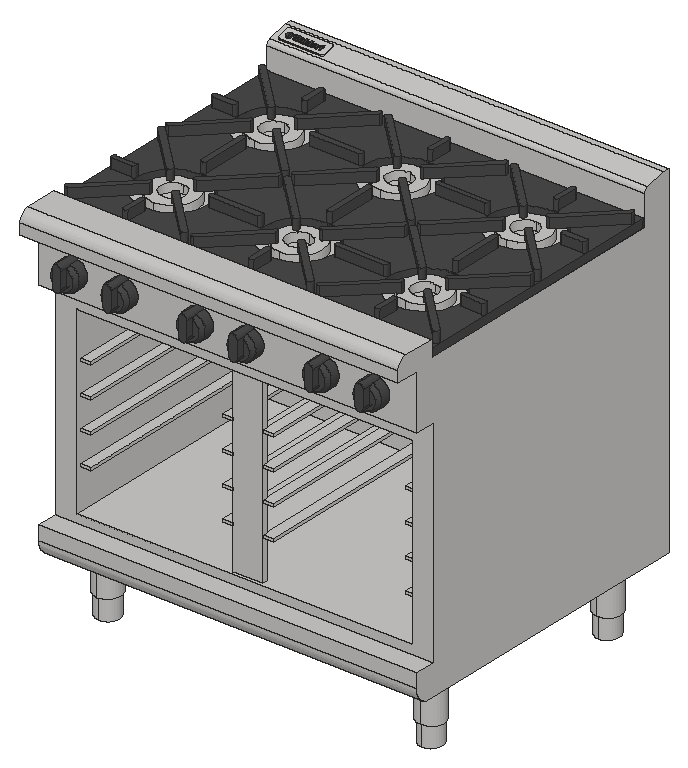
Revit family "QF_MOFFAT WALDORF_RNL8600G-CB", category Specialty Equipment, Revit 2012
Parameters
  Weight in Pounds = 396.8316
  URL Cutsheet = "www.moffat.com"
  URL = "www.moffat.com"
  Type Mark [instance] = ""
  Status [instance] = ""
  Specification by User [instance] = ""
  Specification by Manufacturer = ""
  Show Logo [instance] = yes
  Show Casters [instance] = no
  Serial Number = ""
  Seismic Rating = ""
  SMACNA No = ""
  Revision Code [instance] = ""
  Omniclass Number and Title = ""
  NAFEM Spec ID Number = ""
  Model = "RNL8600G-CB"
  Mechanical Remarks [instance] = ""
  Mechanical Connection Type [instance] = ""
  Masterspec = ""
  Manufacturer = "MOFFAT WALDORF"
  Legs [instance] = not(Show Casters)  # yes
  Item Number [instance] = ""
  Installed By [instance] = ""
  Identify Quantity as Lot [instance] = yes
  Gas Size = 3/4"
  Gas RI Height [instance] = 0.0 mm
  Gas KW [instance] = 46.6
  Gas Input [instance] = 159233.0 Btu/h
  Gas Connection Height = 0.0 mm
  Furnished By [instance] = ""
  Foodservice Equipment Identifier [instance] = yes
  Description = "COOK TOP LOW SPLASHBACK GAS ON CABINET BASE"
  CSI MasterFormat = ""
  CSI Master Format = ""
  Body Height [instance] = 915.0 mm
  Base Height [instance] = 150.0 mm
Reference planes
  plane 1 "BACK": y = 0
  plane 2: z = 0
  plane 3 "LEFT": x = 0
  plane 4 "RIGHT": x = 900
  plane 5 "FRONT": y = -805
  plane 6 "TOP": z = 970
  plane 7 "Center Y": x = 450
  plane 8 "Center X": y = -402.5
  plane 9 "Base Height": z = 150
  plane 10: z = 915
  plane 11: x = 65.8
  plane 12: x = 65
  plane 13: x = 835
Forms (mm)
  Revolve 1, solid, material "QF_Finishes_Black"
    sketch origin (210, 0, 600) x (0, -1, 0) y (0, 0, 1)
      loop
        line (782, 229.605) -> (759, 229.605) -> (759, 202.105) -> (749, 202.105) -> (749, 197.105) -> (793, 197.105) -> (793, 223.757) -> (782, 229.605)
      axis (793, 197.105) -> (749, 197.105)
    angle from 0 to 360
  Extrusion 2, solid, material "QF_Finishes_Black"
    sketch origin (-78.431, 0, 496.003) x (1, 0, 0) y (0, 0, 1)
      loop
        line (298.431, 289) -> (298.431, 327.997)
        arc (298.431, 327.997) -> (288.431, 337.997) -> (278.431, 327.997) r 10
        line (278.431, 327.997) -> (278.431, 289)
        arc (278.431, 289) -> (288.431, 279) -> (298.431, 289) r 10
    from 759 to 808
  Extrusion 3, solid, material "QF_Finishes_Stainless Steel"
    sketch origin (705, 3, 100) x (1, 0, 0) y (0, 1, 0)
      loop
        circle (65, -35) r 13.5
    from 555 to 635
  Revolve 4, solid, material "QF_Finishes_Black"
    sketch origin (89.999, 0, 599.873) x (0, 1, 0) y (0, 0, -1)
      loop
        line (-782, -229.5) -> (-759, -229.5) -> (-759, -202) -> (-749, -202) -> (-749, -197) -> (-793, -197) -> (-793, -223.651) -> (-782, -229.5)
      axis (-793, -197) -> (-749, -197)
    angle from 0 to 360
  Extrusion 5, solid, material "QF_Finishes_Black"
    sketch origin (228.269, 0, 600.031) x (-1, 0, 0) y (0, 0, -1)
      loop
        arc (148.269, -184.969) -> (138.269, -174.969) -> (128.269, -184.969) r 10
        line (128.269, -184.969) -> (128.269, -223.969)
        arc (128.269, -223.969) -> (138.269, -233.969) -> (148.269, -223.969) r 10
        line (148.269, -223.969) -> (148.269, -184.969)
    from 759 to 808
  Extrusion 6, solid, material "QF_Finishes_Black"
    sketch origin (0, -70, 875) x (0, -1, 0) y (1, 0, 0)
      loop
        arc (1, 4) -> (1.879, 1.879) -> (4, 1) r 3
        line (4, 1) -> (631, 1)
        arc (631, 1) -> (633.121, 1.879) -> (634, 4) r 3
        line (634, 4) -> (634, 896)
        arc (634, 896) -> (633.121, 898.121) -> (631, 899) r 3
        line (631, 899) -> (4, 899)
        arc (4, 899) -> (1.879, 898.121) -> (1, 896) r 3
        line (1, 896) -> (1, 4)
      loop
        circle (167.5, 150) r 84.082
      loop
        circle (467.5, 150) r 84.082
      loop
        circle (467.5, 750) r 84.082
      loop
        circle (167.5, 750) r 84.082
      loop
        circle (167.5, 450) r 84.082
      loop
        circle (467.5, 450) r 84.082
    from 0 to 19.5
  Extrusion 7, solid, material "QF_Finishes_Black"
    sketch origin (0, -70, 894.5) x (0, -1, 0) y (1, 0, 0)
      loop
        spline (323.602, 15.153) -> (322.681, 13.924) -> (322.131, 12.47) -> (321.99, 10.89) -> (322.267, 9.292) -> (322.943, 7.786) -> (323.973, 6.473) -> (325.286, 5.443) -> (326.792, 4.767) -> (328.39, 4.49) -> (329.97, 4.631) -> (331.424, 5.181) -> (332.653, 6.102)
        line (332.653, 6.102) -> (440.576, 114.025)
        spline (440.576, 114.025) -> (441.337, 115.095) -> (441.738, 116.399) -> (441.751, 117.851) -> (441.375, 119.35) -> (440.637, 120.795) -> (439.586, 122.086) -> (438.295, 123.137) -> (436.85, 123.875) -> (435.351, 124.251) -> (433.899, 124.238) -> (432.595, 123.837) -> (431.525, 123.076)
        line (431.525, 123.076) -> (323.602, 15.153)
      loop
        spline (259.398, 156.4) -> (258.104, 156.182) -> (256.898, 155.543) -> (255.862, 154.525) -> (255.068, 153.2) -> (254.568, 151.656) -> (254.398, 150) -> (254.568, 148.344) -> (255.068, 146.8) -> (255.862, 145.475) -> (256.898, 144.457) -> (258.104, 143.818) -> (259.398, 143.6)
        line (259.398, 143.6) -> (375.602, 143.6)
        spline (375.602, 143.6) -> (376.896, 143.818) -> (378.102, 144.457) -> (379.138, 145.475) -> (379.932, 146.8) -> (380.432, 148.344) -> (380.602, 150) -> (380.432, 151.656) -> (379.932, 153.2) -> (379.138, 154.525) -> (378.102, 155.543) -> (376.896, 156.182) -> (375.602, 156.4)
        line (375.602, 156.4) -> (259.398, 156.4)
      loop
        spline (608.602, 143.6) -> (609.896, 143.818) -> (611.102, 144.457) -> (612.138, 145.475) -> (612.932, 146.8) -> (613.432, 148.344) -> (613.602, 150) -> (613.432, 151.656) -> (612.932, 153.2) -> (612.138, 154.525) -> (611.102, 155.543) -> (609.896, 156.182) -> (608.602, 156.4)
        line (608.602, 156.4) -> (559.398, 156.4)
        spline (559.398, 156.4) -> (558.104, 156.182) -> (556.898, 155.543) -> (555.862, 154.525) -> (555.068, 153.2) -> (554.568, 151.656) -> (554.398, 150) -> (554.568, 148.344) -> (555.068, 146.8) -> (555.862, 145.475) -> (556.898, 144.457) -> (558.104, 143.818) -> (559.398, 143.6)
        line (559.398, 143.6) -> (608.602, 143.6)
      loop
        line (611.398, 15.153) -> (503.475, 123.076)
        spline (503.475, 123.076) -> (502.405, 123.837) -> (501.101, 124.238) -> (499.649, 124.251) -> (498.15, 123.875) -> (496.705, 123.137) -> (495.414, 122.086) -> (494.363, 120.795) -> (493.625, 119.35) -> (493.249, 117.851) -> (493.262, 116.399) -> (493.663, 115.095) -> (494.424, 114.025)
        line (494.424, 114.025) -> (602.347, 6.102)
        spline (602.347, 6.102) -> (603.416, 5.341) -> (604.721, 4.941) -> (606.172, 4.928) -> (607.671, 5.303) -> (609.116, 6.041) -> (610.408, 7.092) -> (611.459, 8.384) -> (612.197, 9.829) -> (612.572, 11.328) -> (612.559, 12.779) -> (612.159, 14.084) -> (611.398, 15.153)
      loop
        line (473.9, 8.898) -> (473.9, 58.102)
        spline (473.9, 58.102) -> (473.682, 59.396) -> (473.043, 60.602) -> (472.025, 61.638) -> (470.7, 62.432) -> (469.156, 62.932) -> (467.5, 63.102) -> (465.844, 62.932) -> (464.3, 62.432) -> (462.975, 61.638) -> (461.957, 60.602) -> (461.318, 59.396) -> (461.1, 58.102)
        line (461.1, 58.102) -> (461.1, 8.898)
        spline (461.1, 8.898) -> (461.318, 7.604) -> (461.957, 6.398) -> (462.975, 5.362) -> (464.3, 4.568) -> (465.844, 4.068) -> (467.5, 3.898) -> (469.156, 4.068) -> (470.7, 4.568) -> (472.025, 5.362) -> (473.043, 6.398) -> (473.682, 7.604) -> (473.9, 8.898)
      loop
        spline (23.602, 15.153) -> (22.681, 13.924) -> (22.131, 12.47) -> (21.99, 10.89) -> (22.267, 9.292) -> (22.943, 7.786) -> (23.973, 6.473) -> (25.286, 5.443) -> (26.792, 4.767) -> (28.39, 4.49) -> (29.97, 4.631) -> (31.424, 5.181) -> (32.653, 6.102)
        line (32.653, 6.102) -> (140.576, 114.025)
        spline (140.576, 114.025) -> (141.337, 115.095) -> (141.738, 116.399) -> (141.751, 117.851) -> (141.375, 119.35) -> (140.637, 120.795) -> (139.586, 122.086) -> (138.295, 123.137) -> (136.85, 123.875) -> (135.351, 124.251) -> (133.899, 124.238) -> (132.595, 123.837) -> (131.525, 123.076)
        line (131.525, 123.076) -> (23.602, 15.153)
      loop
        spline (26.398, 156.4) -> (25.104, 156.182) -> (23.898, 155.543) -> (22.862, 154.525) -> (22.068, 153.2) -> (21.568, 151.656) -> (21.398, 150) -> (21.568, 148.344) -> (22.068, 146.8) -> (22.862, 145.475) -> (23.898, 144.457) -> (25.104, 143.818) -> (26.398, 143.6)
        line (26.398, 143.6) -> (75.602, 143.6)
        spline (75.602, 143.6) -> (76.896, 143.818) -> (78.102, 144.457) -> (79.138, 145.475) -> (79.932, 146.8) -> (80.432, 148.344) -> (80.602, 150) -> (80.432, 151.656) -> (79.932, 153.2) -> (79.138, 154.525) -> (78.102, 155.543) -> (76.896, 156.182) -> (75.602, 156.4)
        line (75.602, 156.4) -> (26.398, 156.4)
      loop
        line (311.398, 15.153) -> (203.475, 123.076)
        spline (203.475, 123.076) -> (202.405, 123.837) -> (201.101, 124.238) -> (199.649, 124.251) -> (198.15, 123.875) -> (196.705, 123.137) -> (195.414, 122.086) -> (194.363, 120.795) -> (193.625, 119.35) -> (193.249, 117.851) -> (193.262, 116.399) -> (193.663, 115.095) -> (194.424, 114.025)
        line (194.424, 114.025) -> (302.347, 6.102)
        spline (302.347, 6.102) -> (303.416, 5.341) -> (304.721, 4.941) -> (306.172, 4.928) -> (307.671, 5.303) -> (309.116, 6.041) -> (310.408, 7.092) -> (311.459, 8.384) -> (312.197, 9.829) -> (312.572, 11.328) -> (312.559, 12.779) -> (312.159, 14.084) -> (311.398, 15.153)
      loop
        line (173.9, 8.898) -> (173.9, 58.102)
        spline (173.9, 58.102) -> (173.682, 59.396) -> (173.043, 60.602) -> (172.025, 61.638) -> (170.7, 62.432) -> (169.156, 62.932) -> (167.5, 63.102) -> (165.844, 62.932) -> (164.3, 62.432) -> (162.975, 61.638) -> (161.957, 60.602) -> (161.318, 59.396) -> (161.1, 58.102)
        line (161.1, 58.102) -> (161.1, 8.898)
        spline (161.1, 8.898) -> (161.318, 7.604) -> (161.957, 6.398) -> (162.975, 5.362) -> (164.3, 4.568) -> (165.844, 4.068) -> (167.5, 3.898) -> (169.156, 4.068) -> (170.7, 4.568) -> (172.025, 5.362) -> (173.043, 6.398) -> (173.682, 7.604) -> (173.9, 8.898)
      loop
        line (323.602, 284.847) -> (431.525, 176.924)
        spline (431.525, 176.924) -> (432.595, 176.163) -> (433.899, 175.762) -> (435.351, 175.749) -> (436.85, 176.125) -> (438.295, 176.863) -> (439.586, 177.914) -> (440.637, 179.205) -> (441.375, 180.65) -> (441.751, 182.149) -> (441.738, 183.601) -> (441.337, 184.905) -> (440.576, 185.975)
        line (440.576, 185.975) -> (332.653, 293.898)
        spline (332.653, 293.898) -> (331.424, 294.819) -> (329.97, 295.369) -> (328.39, 295.51) -> (326.792, 295.233) -> (325.286, 294.557) -> (323.973, 293.527) -> (322.943, 292.214) -> (322.267, 290.708) -> (321.99, 289.11) -> (322.131, 287.53) -> (322.681, 286.076) -> (323.602, 284.847)
      loop
        spline (611.398, 284.847) -> (612.159, 285.916) -> (612.559, 287.221) -> (612.572, 288.672) -> (612.197, 290.171) -> (611.459, 291.616) -> (610.408, 292.908) -> (609.116, 293.959) -> (607.671, 294.697) -> (606.172, 295.072) -> (604.721, 295.059) -> (603.416, 294.659) -> (602.347, 293.898)
        line (602.347, 293.898) -> (494.424, 185.975)
        spline (494.424, 185.975) -> (493.663, 184.905) -> (493.262, 183.601) -> (493.249, 182.149) -> (493.625, 180.65) -> (494.363, 179.205) -> (495.414, 177.914) -> (496.705, 176.863) -> (498.15, 176.125) -> (499.649, 175.749) -> (501.101, 175.762) -> (502.405, 176.163) -> (503.475, 176.924)
        line (503.475, 176.924) -> (611.398, 284.847)
      loop
        spline (461.1, 241.898) -> (461.318, 240.604) -> (461.957, 239.398) -> (462.975, 238.362) -> (464.3, 237.568) -> (465.844, 237.068) -> (467.5, 236.898) -> (469.156, 237.068) -> (470.7, 237.568) -> (472.025, 238.362) -> (473.043, 239.398) -> (473.682, 240.604) -> (473.9, 241.898)
        line (473.9, 241.898) -> (473.9, 358.102)
        spline (473.9, 358.102) -> (473.682, 359.396) -> (473.043, 360.602) -> (472.025, 361.638) -> (470.7, 362.432) -> (469.156, 362.932) -> (467.5, 363.102) -> (465.844, 362.932) -> (464.3, 362.432) -> (462.975, 361.638) -> (461.957, 360.602) -> (461.318, 359.396) -> (461.1, 358.102)
        line (461.1, 358.102) -> (461.1, 241.898)
      loop
        line (23.602, 284.847) -> (131.525, 176.924)
        spline (131.525, 176.924) -> (132.595, 176.163) -> (133.899, 175.762) -> (135.351, 175.749) -> (136.85, 176.125) -> (138.295, 176.863) -> (139.586, 177.914) -> (140.637, 179.205) -> (141.375, 180.65) -> (141.751, 182.149) -> (141.738, 183.601) -> (141.337, 184.905) -> (140.576, 185.975)
        line (140.576, 185.975) -> (32.653, 293.898)
        spline (32.653, 293.898) -> (31.424, 294.819) -> (29.97, 295.369) -> (28.39, 295.51) -> (26.792, 295.233) -> (25.286, 294.557) -> (23.973, 293.527) -> (22.943, 292.214) -> (22.267, 290.708) -> (21.99, 289.11) -> (22.131, 287.53) -> (22.681, 286.076) -> (23.602, 284.847)
      loop
        spline (311.398, 284.847) -> (312.159, 285.916) -> (312.559, 287.221) -> (312.572, 288.672) -> (312.197, 290.171) -> (311.459, 291.616) -> (310.408, 292.908) -> (309.116, 293.959) -> (307.671, 294.697) -> (306.172, 295.072) -> (304.721, 295.059) -> (303.416, 294.659) -> (302.347, 293.898)
        line (302.347, 293.898) -> (194.424, 185.975)
        spline (194.424, 185.975) -> (193.663, 184.905) -> (193.262, 183.601) -> (193.249, 182.149) -> (193.625, 180.65) -> (194.363, 179.205) -> (195.414, 177.914) -> (196.705, 176.863) -> (198.15, 176.125) -> (199.649, 175.749) -> (201.101, 175.762) -> (202.405, 176.163) -> (203.475, 176.924)
        line (203.475, 176.924) -> (311.398, 284.847)
      loop
        spline (173.9, 358.102) -> (173.682, 359.396) -> (173.043, 360.602) -> (172.025, 361.638) -> (170.7, 362.432) -> (169.156, 362.932) -> (167.5, 363.102) -> (165.844, 362.932) -> (164.3, 362.432) -> (162.975, 361.638) -> (161.957, 360.602) -> (161.318, 359.396) -> (161.1, 358.102)
        line (161.1, 358.102) -> (161.1, 241.898)
        spline (161.1, 241.898) -> (161.318, 240.604) -> (161.957, 239.398) -> (162.975, 238.362) -> (164.3, 237.568) -> (165.844, 237.068) -> (167.5, 236.898) -> (169.156, 237.068) -> (170.7, 237.568) -> (172.025, 238.362) -> (173.043, 239.398) -> (173.682, 240.604) -> (173.9, 241.898)
        line (173.9, 241.898) -> (173.9, 358.102)
      loop
        spline (323.602, 315.153) -> (322.681, 313.924) -> (322.131, 312.47) -> (321.99, 310.89) -> (322.267, 309.292) -> (322.943, 307.786) -> (323.973, 306.473) -> (325.286, 305.443) -> (326.792, 304.767) -> (328.39, 304.49) -> (329.97, 304.631) -> (331.424, 305.181) -> (332.653, 306.102)
        line (332.653, 306.102) -> (440.576, 414.025)
        spline (440.576, 414.025) -> (441.337, 415.095) -> (441.738, 416.399) -> (441.751, 417.851) -> (441.375, 419.35) -> (440.637, 420.795) -> (439.586, 422.086) -> (438.295, 423.137) -> (436.85, 423.875) -> (435.351, 424.251) -> (433.899, 424.238) -> (432.595, 423.837) -> (431.525, 423.076)
        line (431.525, 423.076) -> (323.602, 315.153)
      loop
        spline (259.398, 456.4) -> (258.104, 456.182) -> (256.898, 455.543) -> (255.862, 454.525) -> (255.068, 453.2) -> (254.568, 451.656) -> (254.398, 450) -> (254.568, 448.344) -> (255.068, 446.8) -> (255.862, 445.475) -> (256.898, 444.457) -> (258.104, 443.818) -> (259.398, 443.6)
        line (259.398, 443.6) -> (375.602, 443.6)
        spline (375.602, 443.6) -> (376.896, 443.818) -> (378.102, 444.457) -> (379.138, 445.475) -> (379.932, 446.8) -> (380.432, 448.344) -> (380.602, 450) -> (380.432, 451.656) -> (379.932, 453.2) -> (379.138, 454.525) -> (378.102, 455.543) -> (376.896, 456.182) -> (375.602, 456.4)
        line (375.602, 456.4) -> (259.398, 456.4)
      loop
        spline (608.602, 443.6) -> (609.896, 443.818) -> (611.102, 444.457) -> (612.138, 445.475) -> (612.932, 446.8) -> (613.432, 448.344) -> (613.602, 450) -> (613.432, 451.656) -> (612.932, 453.2) -> (612.138, 454.525) -> (611.102, 455.543) -> (609.896, 456.182) -> (608.602, 456.4)
        line (608.602, 456.4) -> (559.398, 456.4)
        spline (559.398, 456.4) -> (558.104, 456.182) -> (556.898, 455.543) -> (555.862, 454.525) -> (555.068, 453.2) -> (554.568, 451.656) -> (554.398, 450) -> (554.568, 448.344) -> (555.068, 446.8) -> (555.862, 445.475) -> (556.898, 444.457) -> (558.104, 443.818) -> (559.398, 443.6)
        line (559.398, 443.6) -> (608.602, 443.6)
      loop
        line (611.398, 315.153) -> (503.475, 423.076)
        spline (503.475, 423.076) -> (502.405, 423.837) -> (501.101, 424.238) -> (499.649, 424.251) -> (498.15, 423.875) -> (496.705, 423.137) -> (495.414, 422.086) -> (494.363, 420.795) -> (493.625, 419.35) -> (493.249, 417.851) -> (493.262, 416.399) -> (493.663, 415.095) -> (494.424, 414.025)
        line (494.424, 414.025) -> (602.347, 306.102)
        spline (602.347, 306.102) -> (603.416, 305.341) -> (604.721, 304.941) -> (606.172, 304.928) -> (607.671, 305.303) -> (609.116, 306.041) -> (610.408, 307.092) -> (611.459, 308.384) -> (612.197, 309.829) -> (612.572, 311.328) -> (612.559, 312.779) -> (612.159, 314.084) -> (611.398, 315.153)
      loop
        spline (23.602, 315.153) -> (22.681, 313.924) -> (22.131, 312.47) -> (21.99, 310.89) -> (22.267, 309.292) -> (22.943, 307.786) -> (23.973, 306.473) -> (25.286, 305.443) -> (26.792, 304.767) -> (28.39, 304.49) -> (29.97, 304.631) -> (31.424, 305.181) -> (32.653, 306.102)
        line (32.653, 306.102) -> (140.576, 414.025)
        spline (140.576, 414.025) -> (141.337, 415.095) -> (141.738, 416.399) -> (141.751, 417.851) -> (141.375, 419.35) -> (140.637, 420.795) -> (139.586, 422.086) -> (138.295, 423.137) -> (136.85, 423.875) -> (135.351, 424.251) -> (133.899, 424.238) -> (132.595, 423.837) -> (131.525, 423.076)
        line (131.525, 423.076) -> (23.602, 315.153)
      loop
        spline (26.398, 456.4) -> (25.104, 456.182) -> (23.898, 455.543) -> (22.862, 454.525) -> (22.068, 453.2) -> (21.568, 451.656) -> (21.398, 450) -> (21.568, 448.344) -> (22.068, 446.8) -> (22.862, 445.475) -> (23.898, 444.457) -> (25.104, 443.818) -> (26.398, 443.6)
        line (26.398, 443.6) -> (75.602, 443.6)
        spline (75.602, 443.6) -> (76.896, 443.818) -> (78.102, 444.457) -> (79.138, 445.475) -> (79.932, 446.8) -> (80.432, 448.344) -> (80.602, 450) -> (80.432, 451.656) -> (79.932, 453.2) -> (79.138, 454.525) -> (78.102, 455.543) -> (76.896, 456.182) -> (75.602, 456.4)
        line (75.602, 456.4) -> (26.398, 456.4)
      loop
        line (311.398, 315.153) -> (203.475, 423.076)
        spline (203.475, 423.076) -> (202.405, 423.837) -> (201.101, 424.238) -> (199.649, 424.251) -> (198.15, 423.875) -> (196.705, 423.137) -> (195.414, 422.086) -> (194.363, 420.795) -> (193.625, 419.35) -> (193.249, 417.851) -> (193.262, 416.399) -> (193.663, 415.095) -> (194.424, 414.025)
        line (194.424, 414.025) -> (302.347, 306.102)
        spline (302.347, 306.102) -> (303.416, 305.341) -> (304.721, 304.941) -> (306.172, 304.928) -> (307.671, 305.303) -> (309.116, 306.041) -> (310.408, 307.092) -> (311.459, 308.384) -> (312.197, 309.829) -> (312.572, 311.328) -> (312.559, 312.779) -> (312.159, 314.084) -> (311.398, 315.153)
      loop
        line (323.602, 584.847) -> (431.525, 476.924)
        spline (431.525, 476.924) -> (432.595, 476.163) -> (433.899, 475.762) -> (435.351, 475.749) -> (436.85, 476.125) -> (438.295, 476.863) -> (439.586, 477.914) -> (440.637, 479.205) -> (441.375, 480.65) -> (441.751, 482.149) -> (441.738, 483.601) -> (441.337, 484.905) -> (440.576, 485.975)
        line (440.576, 485.975) -> (332.653, 593.898)
        spline (332.653, 593.898) -> (331.424, 594.819) -> (329.97, 595.369) -> (328.39, 595.51) -> (326.792, 595.233) -> (325.286, 594.557) -> (323.973, 593.527) -> (322.943, 592.214) -> (322.267, 590.708) -> (321.99, 589.11) -> (322.131, 587.53) -> (322.681, 586.076) -> (323.602, 584.847)
      loop
        spline (611.398, 584.847) -> (612.159, 585.916) -> (612.559, 587.221) -> (612.572, 588.672) -> (612.197, 590.171) -> (611.459, 591.616) -> (610.408, 592.908) -> (609.116, 593.959) -> (607.671, 594.697) -> (606.172, 595.072) -> (604.721, 595.059) -> (603.416, 594.659) -> (602.347, 593.898)
        line (602.347, 593.898) -> (494.424, 485.975)
        spline (494.424, 485.975) -> (493.663, 484.905) -> (493.262, 483.601) -> (493.249, 482.149) -> (493.625, 480.65) -> (494.363, 479.205) -> (495.414, 477.914) -> (496.705, 476.863) -> (498.15, 476.125) -> (499.649, 475.749) -> (501.101, 475.762) -> (502.405, 476.163) -> (503.475, 476.924)
        line (503.475, 476.924) -> (611.398, 584.847)
      loop
        spline (473.9, 658.102) -> (473.682, 659.396) -> (473.043, 660.602) -> (472.025, 661.638) -> (470.7, 662.432) -> (469.156, 662.932) -> (467.5, 663.102) -> (465.844, 662.932) -> (464.3, 662.432) -> (462.975, 661.638) -> (461.957, 660.602) -> (461.318, 659.396) -> (461.1, 658.102)
        line (461.1, 658.102) -> (461.1, 541.898)
        spline (461.1, 541.898) -> (461.318, 540.604) -> (461.957, 539.398) -> (462.975, 538.362) -> (464.3, 537.568) -> (465.844, 537.068) -> (467.5, 536.898) -> (469.156, 537.068) -> (470.7, 537.568) -> (472.025, 538.362) -> (473.043, 539.398) -> (473.682, 540.604) -> (473.9, 541.898)
        line (473.9, 541.898) -> (473.9, 658.102)
      loop
        line (23.602, 584.847) -> (131.525, 476.924)
        spline (131.525, 476.924) -> (132.595, 476.163) -> (133.899, 475.762) -> (135.351, 475.749) -> (136.85, 476.125) -> (138.295, 476.863) -> (139.586, 477.914) -> (140.637, 479.205) -> (141.375, 480.65) -> (141.751, 482.149) -> (141.738, 483.601) -> (141.337, 484.905) -> (140.576, 485.975)
        line (140.576, 485.975) -> (32.653, 593.898)
        spline (32.653, 593.898) -> (31.424, 594.819) -> (29.97, 595.369) -> (28.39, 595.51) -> (26.792, 595.233) -> (25.286, 594.557) -> (23.973, 593.527) -> (22.943, 592.214) -> (22.267, 590.708) -> (21.99, 589.11) -> (22.131, 587.53) -> (22.681, 586.076) -> (23.602, 584.847)
      loop
        spline (311.398, 584.847) -> (312.159, 585.916) -> (312.559, 587.221) -> (312.572, 588.672) -> (312.197, 590.171) -> (311.459, 591.616) -> (310.408, 592.908) -> (309.116, 593.959) -> (307.671, 594.697) -> (306.172, 595.072) -> (304.721, 595.059) -> (303.416, 594.659) -> (302.347, 593.898)
        line (302.347, 593.898) -> (194.424, 485.975)
        spline (194.424, 485.975) -> (193.663, 484.905) -> (193.262, 483.601) -> (193.249, 482.149) -> (193.625, 480.65) -> (194.363, 479.205) -> (195.414, 477.914) -> (196.705, 476.863) -> (198.15, 476.125) -> (199.649, 475.749) -> (201.101, 475.762) -> (202.405, 476.163) -> (203.475, 476.924)
        line (203.475, 476.924) -> (311.398, 584.847)
      loop
        spline (173.9, 658.102) -> (173.682, 659.396) -> (173.043, 660.602) -> (172.025, 661.638) -> (170.7, 662.432) -> (169.156, 662.932) -> (167.5, 663.102) -> (165.844, 662.932) -> (164.3, 662.432) -> (162.975, 661.638) -> (161.957, 660.602) -> (161.318, 659.396) -> (161.1, 658.102)
        line (161.1, 658.102) -> (161.1, 541.898)
        spline (161.1, 541.898) -> (161.318, 540.604) -> (161.957, 539.398) -> (162.975, 538.362) -> (164.3, 537.568) -> (165.844, 537.068) -> (167.5, 536.898) -> (169.156, 537.068) -> (170.7, 537.568) -> (172.025, 538.362) -> (173.043, 539.398) -> (173.682, 540.604) -> (173.9, 541.898)
        line (173.9, 541.898) -> (173.9, 658.102)
      loop
        spline (323.602, 615.153) -> (322.681, 613.924) -> (322.131, 612.47) -> (321.99, 610.89) -> (322.267, 609.292) -> (322.943, 607.786) -> (323.973, 606.473) -> (325.286, 605.443) -> (326.792, 604.767) -> (328.39, 604.49) -> (329.97, 604.631) -> (331.424, 605.181) -> (332.653, 606.102)
        line (332.653, 606.102) -> (440.576, 714.025)
        spline (440.576, 714.025) -> (441.337, 715.095) -> (441.738, 716.399) -> (441.751, 717.851) -> (441.375, 719.35) -> (440.637, 720.795) -> (439.586, 722.086) -> (438.295, 723.137) -> (436.85, 723.875) -> (435.351, 724.251) -> (433.899, 724.238) -> (432.595, 723.837) -> (431.525, 723.076)
        line (431.525, 723.076) -> (323.602, 615.153)
      loop
        spline (259.398, 756.4) -> (258.104, 756.182) -> (256.898, 755.543) -> (255.862, 754.525) -> (255.068, 753.2) -> (254.568, 751.656) -> (254.398, 750) -> (254.568, 748.344) -> (255.068, 746.8) -> (255.862, 745.475) -> (256.898, 744.457) -> (258.104, 743.818) -> (259.398, 743.6)
        line (259.398, 743.6) -> (375.602, 743.6)
        spline (375.602, 743.6) -> (376.896, 743.818) -> (378.102, 744.457) -> (379.138, 745.475) -> (379.932, 746.8) -> (380.432, 748.344) -> (380.602, 750) -> (380.432, 751.656) -> (379.932, 753.2) -> (379.138, 754.525) -> (378.102, 755.543) -> (376.896, 756.182) -> (375.602, 756.4)
        line (375.602, 756.4) -> (259.398, 756.4)
      loop
        spline (608.602, 743.6) -> (609.896, 743.818) -> (611.102, 744.457) -> (612.138, 745.475) -> (612.932, 746.8) -> (613.432, 748.344) -> (613.602, 750) -> (613.432, 751.656) -> (612.932, 753.2) -> (612.138, 754.525) -> (611.102, 755.543) -> (609.896, 756.182) -> (608.602, 756.4)
        line (608.602, 756.4) -> (559.398, 756.4)
        spline (559.398, 756.4) -> (558.104, 756.182) -> (556.898, 755.543) -> (555.862, 754.525) -> (555.068, 753.2) -> (554.568, 751.656) -> (554.398, 750) -> (554.568, 748.344) -> (555.068, 746.8) -> (555.862, 745.475) -> (556.898, 744.457) -> (558.104, 743.818) -> (559.398, 743.6)
        line (559.398, 743.6) -> (608.602, 743.6)
      loop
        line (611.398, 615.153) -> (503.475, 723.076)
        spline (503.475, 723.076) -> (502.405, 723.837) -> (501.101, 724.238) -> (499.649, 724.251) -> (498.15, 723.875) -> (496.705, 723.137) -> (495.414, 722.086) -> (494.363, 720.795) -> (493.625, 719.35) -> (493.249, 717.851) -> (493.262, 716.399) -> (493.663, 715.095) -> (494.424, 714.025)
        line (494.424, 714.025) -> (602.347, 606.102)
        spline (602.347, 606.102) -> (603.416, 605.341) -> (604.721, 604.941) -> (606.172, 604.928) -> (607.671, 605.303) -> (609.116, 606.041) -> (610.408, 607.092) -> (611.459, 608.384) -> (612.197, 609.829) -> (612.572, 611.328) -> (612.559, 612.779) -> (612.159, 614.084) -> (611.398, 615.153)
      loop
        spline (23.602, 615.153) -> (22.681, 613.924) -> (22.131, 612.47) -> (21.99, 610.89) -> (22.267, 609.292) -> (22.943, 607.786) -> (23.973, 606.473) -> (25.286, 605.443) -> (26.792, 604.767) -> (28.39, 604.49) -> (29.97, 604.631) -> (31.424, 605.181) -> (32.653, 606.102)
        line (32.653, 606.102) -> (140.576, 714.025)
        spline (140.576, 714.025) -> (141.337, 715.095) -> (141.738, 716.399) -> (141.751, 717.851) -> (141.375, 719.35) -> (140.637, 720.795) -> (139.586, 722.086) -> (138.295, 723.137) -> (136.85, 723.875) -> (135.351, 724.251) -> (133.899, 724.238) -> (132.595, 723.837) -> (131.525, 723.076)
        line (131.525, 723.076) -> (23.602, 615.153)
      loop
        spline (26.398, 756.4) -> (25.104, 756.182) -> (23.898, 755.543) -> (22.862, 754.525) -> (22.068, 753.2) -> (21.568, 751.656) -> (21.398, 750) -> (21.568, 748.344) -> (22.068, 746.8) -> (22.862, 745.475) -> (23.898, 744.457) -> (25.104, 743.818) -> (26.398, 743.6)
        line (26.398, 743.6) -> (75.602, 743.6)
        spline (75.602, 743.6) -> (76.896, 743.818) -> (78.102, 744.457) -> (79.138, 745.475) -> (79.932, 746.8) -> (80.432, 748.344) -> (80.602, 750) -> (80.432, 751.656) -> (79.932, 753.2) -> (79.138, 754.525) -> (78.102, 755.543) -> (76.896, 756.182) -> (75.602, 756.4)
        line (75.602, 756.4) -> (26.398, 756.4)
      loop
        line (311.398, 615.153) -> (203.475, 723.076)
        spline (203.475, 723.076) -> (202.405, 723.837) -> (201.101, 724.238) -> (199.649, 724.251) -> (198.15, 723.875) -> (196.705, 723.137) -> (195.414, 722.086) -> (194.363, 720.795) -> (193.625, 719.35) -> (193.249, 717.851) -> (193.262, 716.399) -> (193.663, 715.095) -> (194.424, 714.025)
        line (194.424, 714.025) -> (302.347, 606.102)
        spline (302.347, 606.102) -> (303.416, 605.341) -> (304.721, 604.941) -> (306.172, 604.928) -> (307.671, 605.303) -> (309.116, 606.041) -> (310.408, 607.092) -> (311.459, 608.384) -> (312.197, 609.829) -> (312.572, 611.328) -> (312.559, 612.779) -> (312.159, 614.084) -> (311.398, 615.153)
      loop
        line (323.602, 884.847) -> (431.525, 776.924)
        spline (431.525, 776.924) -> (432.595, 776.163) -> (433.899, 775.762) -> (435.351, 775.749) -> (436.85, 776.125) -> (438.295, 776.863) -> (439.586, 777.914) -> (440.637, 779.205) -> (441.375, 780.65) -> (441.751, 782.149) -> (441.738, 783.601) -> (441.337, 784.905) -> (440.576, 785.975)
        line (440.576, 785.975) -> (332.653, 893.898)
        spline (332.653, 893.898) -> (331.424, 894.819) -> (329.97, 895.369) -> (328.39, 895.51) -> (326.792, 895.233) -> (325.286, 894.557) -> (323.973, 893.527) -> (322.943, 892.214) -> (322.267, 890.708) -> (321.99, 889.11) -> (322.131, 887.53) -> (322.681, 886.076) -> (323.602, 884.847)
      loop
        spline (611.398, 884.847) -> (612.159, 885.916) -> (612.559, 887.221) -> (612.572, 888.672) -> (612.197, 890.171) -> (611.459, 891.616) -> (610.408, 892.908) -> (609.116, 893.959) -> (607.671, 894.697) -> (606.172, 895.072) -> (604.721, 895.059) -> (603.416, 894.659) -> (602.347, 893.898)
        line (602.347, 893.898) -> (494.424, 785.975)
        spline (494.424, 785.975) -> (493.663, 784.905) -> (493.262, 783.601) -> (493.249, 782.149) -> (493.625, 780.65) -> (494.363, 779.205) -> (495.414, 777.914) -> (496.705, 776.863) -> (498.15, 776.125) -> (499.649, 775.749) -> (501.101, 775.762) -> (502.405, 776.163) -> (503.475, 776.924)
        line (503.475, 776.924) -> (611.398, 884.847)
      loop
        spline (473.9, 891.102) -> (473.682, 892.396) -> (473.043, 893.602) -> (472.025, 894.638) -> (470.7, 895.432) -> (469.156, 895.932) -> (467.5, 896.102) -> (465.844, 895.932) -> (464.3, 895.432) -> (462.975, 894.638) -> (461.957, 893.602) -> (461.318, 892.396) -> (461.1, 891.102)
        line (461.1, 891.102) -> (461.1, 841.898)
        spline (461.1, 841.898) -> (461.318, 840.604) -> (461.957, 839.398) -> (462.975, 838.362) -> (464.3, 837.568) -> (465.844, 837.068) -> (467.5, 836.898) -> (469.156, 837.068) -> (470.7, 837.568) -> (472.025, 838.362) -> (473.043, 839.398) -> (473.682, 840.604) -> (473.9, 841.898)
        line (473.9, 841.898) -> (473.9, 891.102)
      loop
        line (23.602, 884.847) -> (131.525, 776.924)
        spline (131.525, 776.924) -> (132.595, 776.163) -> (133.899, 775.762) -> (135.351, 775.749) -> (136.85, 776.125) -> (138.295, 776.863) -> (139.586, 777.914) -> (140.637, 779.205) -> (141.375, 780.65) -> (141.751, 782.149) -> (141.738, 783.601) -> (141.337, 784.905) -> (140.576, 785.975)
        line (140.576, 785.975) -> (32.653, 893.898)
        spline (32.653, 893.898) -> (31.424, 894.819) -> (29.97, 895.369) -> (28.39, 895.51) -> (26.792, 895.233) -> (25.286, 894.557) -> (23.973, 893.527) -> (22.943, 892.214) -> (22.267, 890.708) -> (21.99, 889.11) -> (22.131, 887.53) -> (22.681, 886.076) -> (23.602, 884.847)
      loop
        spline (311.398, 884.847) -> (312.159, 885.916) -> (312.559, 887.221) -> (312.572, 888.672) -> (312.197, 890.171) -> (311.459, 891.616) -> (310.408, 892.908) -> (309.116, 893.959) -> (307.671, 894.697) -> (306.172, 895.072) -> (304.721, 895.059) -> (303.416, 894.659) -> (302.347, 893.898)
        line (302.347, 893.898) -> (194.424, 785.975)
        spline (194.424, 785.975) -> (193.663, 784.905) -> (193.262, 783.601) -> (193.249, 782.149) -> (193.625, 780.65) -> (194.363, 779.205) -> (195.414, 777.914) -> (196.705, 776.863) -> (198.15, 776.125) -> (199.649, 775.749) -> (201.101, 775.762) -> (202.405, 776.163) -> (203.475, 776.924)
        line (203.475, 776.924) -> (311.398, 884.847)
      loop
        spline (173.9, 891.102) -> (173.682, 892.396) -> (173.043, 893.602) -> (172.025, 894.638) -> (170.7, 895.432) -> (169.156, 895.932) -> (167.5, 896.102) -> (165.844, 895.932) -> (164.3, 895.432) -> (162.975, 894.638) -> (161.957, 893.602) -> (161.318, 892.396) -> (161.1, 891.102)
        line (161.1, 891.102) -> (161.1, 841.898)
        spline (161.1, 841.898) -> (161.318, 840.604) -> (161.957, 839.398) -> (162.975, 838.362) -> (164.3, 837.568) -> (165.844, 837.068) -> (167.5, 836.898) -> (169.156, 837.068) -> (170.7, 837.568) -> (172.025, 838.362) -> (173.043, 839.398) -> (173.682, 840.604) -> (173.9, 841.898)
        line (173.9, 841.898) -> (173.9, 891.102)
    from 0 to 23.5
  Revolve 8, solid, material "QF_Finishes_Black"
    sketch origin (510, 0, 600) x (0, -1, 0) y (0, 0, 1)
      loop
        line (782, 229.605) -> (759, 229.605) -> (759, 202.105) -> (749, 202.105) -> (749, 197.105) -> (793, 197.105) -> (793, 223.757) -> (782, 229.605)
      axis (793, 197.105) -> (749, 197.105)
    angle from 0 to 360
  Extrusion 9, solid, material "QF_Finishes_Black"
    sketch origin (371.569, 0, 496.003) x (1, 0, 0) y (0, 0, 1)
      loop
        line (148.431, 289) -> (148.431, 327.997)
        arc (148.431, 327.997) -> (138.431, 337.997) -> (128.431, 327.997) r 10
        line (128.431, 327.997) -> (128.431, 289)
        arc (128.431, 289) -> (138.431, 279) -> (148.431, 289) r 10
    from 759 to 808
  Revolve 10, solid, material "QF_Finishes_Black"
    sketch origin (389.999, 0, 599.873) x (0, 1, 0) y (0, 0, -1)
      loop
        line (-782, -229.5) -> (-759, -229.5) -> (-759, -202) -> (-749, -202) -> (-749, -197) -> (-793, -197) -> (-793, -223.651) -> (-782, -229.5)
      axis (-793, -197) -> (-749, -197)
    angle from 0 to 360
  Extrusion 11, solid, material "QF_Finishes_Black"
    sketch origin (378.269, 0, 600.031) x (-1, 0, 0) y (0, 0, -1)
      loop
        arc (-1.731, -184.969) -> (-11.731, -174.969) -> (-21.731, -184.969) r 10
        line (-21.731, -184.969) -> (-21.731, -223.969)
        arc (-21.731, -223.969) -> (-11.731, -233.969) -> (-1.731, -223.969) r 10
        line (-1.731, -223.969) -> (-1.731, -184.969)
    from 759 to 808
  Revolve 12, solid, material "QF_Finishes_Black"
    sketch origin (810, 0, 600) x (0, -1, 0) y (0, 0, 1)
      loop
        line (782, 229.605) -> (759, 229.605) -> (759, 202.105) -> (749, 202.105) -> (749, 197.105) -> (793, 197.105) -> (793, 223.757) -> (782, 229.605)
      axis (793, 197.105) -> (749, 197.105)
    angle from 0 to 360
  Extrusion 13, solid, material "QF_Finishes_Black"
    sketch origin (671.569, 0, 496.003) x (1, 0, 0) y (0, 0, 1)
      loop
        line (148.431, 289) -> (148.431, 327.997)
        arc (148.431, 327.997) -> (138.431, 337.997) -> (128.431, 327.997) r 10
        line (128.431, 327.997) -> (128.431, 289)
        arc (128.431, 289) -> (138.431, 279) -> (148.431, 289) r 10
    from 759 to 808
  Revolve 14, solid, material "QF_Finishes_Black"
    sketch origin (689.999, 0, 599.873) x (0, 1, 0) y (0, 0, -1)
      loop
        line (-782, -229.5) -> (-759, -229.5) -> (-759, -202) -> (-749, -202) -> (-749, -197) -> (-793, -197) -> (-793, -223.651) -> (-782, -229.5)
      axis (-793, -197) -> (-749, -197)
    angle from 0 to 360
  Extrusion 15, solid, material "QF_Finishes_Black"
    sketch origin (678.269, 0, 600.031) x (-1, 0, 0) y (0, 0, -1)
      loop
        arc (-1.731, -184.969) -> (-11.731, -174.969) -> (-21.731, -184.969) r 10
        line (-21.731, -184.969) -> (-21.731, -223.969)
        arc (-21.731, -223.969) -> (-11.731, -233.969) -> (-1.731, -223.969) r 10
        line (-1.731, -223.969) -> (-1.731, -184.969)
    from 759 to 808
  Revolve 16, solid, material "QF_Finishes_Stainless Steel", visible <- "Legs"
    sketch origin (65, -165, 0) x (0, 1, 0) y (0, 0, 1)
      loop
        line (33.25, 150) -> (33.25, 50) -> (37.5, 50) -> (37.5, 0) -> (65, 0) -> (65, 150) -> (33.25, 150)
      axis (65, 150) -> (65, 0)
    angle from 0 to 360
  Revolve 17, solid, material "QF_Finishes_Stainless Steel"
    sketch origin (65, -735, 0) x (0, 1, 0) y (0, 0, 1)
      loop
        line (78.25, 150) -> (78.25, 50) -> (82.5, 50) -> (82.5, 0) -> (110, 0) -> (110, 150) -> (78.25, 150)
      axis (110, 150) -> (110, 0)
    angle from 0 to 360
  Revolve 18, solid, material "QF_Finishes_Stainless Steel", visible <- "Legs"
    sketch origin (835, -165, 0) x (0, 1, 0) y (0, 0, -1)
      loop
        line (33.25, -150) -> (65, -150) -> (65, 0) -> (37.5, 0) -> (37.5, -50) -> (33.25, -50) -> (33.25, -150)
      axis (65, -150) -> (65, 0)
    angle from 0 to 360
  Revolve 19, solid, material "QF_Finishes_Stainless Steel"
    sketch origin (835, -735, 0) x (0, 1, 0) y (0, 0, -1)
      loop
        line (78.25, -150) -> (110, -150) -> (110, 0) -> (82.5, 0) -> (82.5, -50) -> (78.25, -50) -> (78.25, -150)
      axis (110, -150) -> (110, 0)
    angle from 0 to 360
  Extrusion 20, solid, material "QF_Finishes_Stainless Steel"
    sketch origin (0, 0, 0) x (1, 0, 0) y (0, 0, 1)
      loop
        line (0, 735) -> (0, 222.5) -> (900, 222.5) -> (900, 735) -> (0, 735)
      loop
        line (50, 680) -> (50, 242.5) -> (850, 242.5) -> (850, 680) -> (50, 680)
    from 135.698 to 699
  Extrusion 21, solid, material "QF_Finishes_Stainless Steel"
    sketch origin (0, -135.698, 875) x (0, 0, -1) y (1, 0, 0)
      loop
        line (195, 485.5) -> (195, 414.5) -> (632.5, 414.5) -> (632.5, 485.5) -> (195, 485.5)
    from 543.302 to 553.302
  Extrusion 22, solid, material "QF_Finishes_Stainless Steel"
    sketch origin (0, -135.698, 875) x (0, 0, -1) y (1, 0, 0)
      loop
        line (386.25, 414.5) -> (379.9, 414.5) -> (379.9, 389.5) -> (386.25, 389.5) -> (386.25, 414.5)
      loop
        line (461.25, 414.5) -> (454.9, 414.5) -> (454.9, 389.5) -> (461.25, 389.5) -> (461.25, 414.5)
      loop
        line (461.25, 50) -> (461.25, 75) -> (454.9, 75) -> (454.9, 50) -> (461.25, 50)
      loop
        line (379.9, 75) -> (379.9, 50) -> (386.25, 50) -> (386.25, 75) -> (379.9, 75)
      loop
        line (536.25, 414.5) -> (529.9, 414.5) -> (529.9, 389.5) -> (536.25, 389.5) -> (536.25, 414.5)
      loop
        line (536.25, 50) -> (536.25, 75) -> (529.9, 75) -> (529.9, 50) -> (536.25, 50)
      loop
        line (311.25, 414.5) -> (304.9, 414.5) -> (304.9, 389.5) -> (311.25, 389.5) -> (311.25, 414.5)
      loop
        line (304.9, 75) -> (304.9, 50) -> (311.25, 50) -> (311.25, 75) -> (304.9, 75)
      loop
        line (386.25, 485.5) -> (386.25, 510.5) -> (379.9, 510.5) -> (379.9, 485.5) -> (386.25, 485.5)
      loop
        line (461.25, 485.5) -> (461.25, 510.5) -> (454.9, 510.5) -> (454.9, 485.5) -> (461.25, 485.5)
      loop
        line (461.25, 850) -> (454.9, 850) -> (454.9, 825) -> (461.25, 825) -> (461.25, 850)
      loop
        line (379.9, 825) -> (386.25, 825) -> (386.25, 850) -> (379.9, 850) -> (379.9, 825)
      loop
        line (536.25, 485.5) -> (536.25, 510.5) -> (529.9, 510.5) -> (529.9, 485.5) -> (536.25, 485.5)
      loop
        line (536.25, 850) -> (529.9, 850) -> (529.9, 825) -> (536.25, 825) -> (536.25, 850)
      loop
        line (311.25, 485.5) -> (311.25, 510.5) -> (304.9, 510.5) -> (304.9, 485.5) -> (311.25, 485.5)
      loop
        line (304.9, 825) -> (311.25, 825) -> (311.25, 850) -> (304.9, 850) -> (304.9, 825)
    from 0 to 553.302
  Extrusion 23, solid, material "QF_Finishes_Stainless Steel"
    sketch origin (0, 0, 0) x (0, 1, 0) y (0, 0, 1)
      loop
        line (-805, 891) -> (-805, 866) -> (-749, 866) -> (-749, 735) -> (-135.698, 735) -> (-135.698, 222.5) -> (-749, 222.5) -> (-749, 188)
        arc (-749, 188) -> (-737.87, 161.13) -> (-711, 150) r 38
        line (-711, 150) -> (0, 150) -> (0, 970) -> (-15, 970) -> (-61.106, 957.646)
        arc (-61.106, 957.646) -> (-67.52, 953.36) -> (-70, 946.055) r 12
        line (-70, 946.055) -> (-70, 875) -> (-705, 875) -> (-705, 915) -> (-781, 915)
        arc (-781, 915) -> (-797.971, 907.971) -> (-805, 891) r 24
    from 0 to 900
  Extrusion 24, void
    sketch origin (0, 0, 150) x (-1, 0, 0) y (0, -1, 0)
      loop
        line (-824.497, 87.26) -> (-824.497, -30.24) -> (-694.997, -30.24) -> (-694.997, 38.76) -> (-743.497, 87.26) -> (-824.497, 87.26)
    from 72.5 to 585
  Extrusion 25, solid, material "QF_Finishes_Stainless Steel"
    sketch origin (0, -77.318, 875) x (0, -1, 0) y (1, 0, 0)
      loop
        circle (160.182, 150) r 57
      loop
        circle (460.182, 150) r 57
      loop
        circle (160.182, 450) r 57
      loop
        circle (460.182, 450) r 57
      loop
        circle (160.182, 750) r 57
      loop
        circle (460.182, 750) r 57
      loop
        circle (160.182, 150) r 30
      loop
        circle (160.182, 450) r 30
      loop
        circle (160.182, 750) r 30
      loop
        circle (460.182, 750) r 30
      loop
        circle (460.182, 450) r 30
      loop
        circle (460.182, 150) r 30
    from 0 to 20
Cuts and joins
  Extrusion 24 cuts Extrusion 23
  joined: Extrusion 20, Extrusion 23
Lines and regions (mm)
  Split face 1
    outline origin (917.5, -15, 970) x (-1, 0, 0) y (0, -0.965926, -0.258819)
      loop
        line (770.512, 5.007) -> (770.512, 38.41) -> (750.512, 38.41) -> (750.512, 5.007) -> (770.512, 5.007)
  Split face 2
    outline origin (902.5, -15, 970) x (-1, 0, 0) y (0, -0.965926, -0.258819)
      loop
        line (700.512, 5.007) -> (720.512, 5.007) -> (720.512, 38.41) -> (700.512, 38.41) -> (700.512, 5.007)
  Split face 3
    outline origin (877.5, -15, 970) x (-1, 0, 0) y (0, -0.965926, -0.258819)
      loop
        line (638.012, 5.007) -> (658.012, 5.007) -> (658.012, 38.41) -> (638.012, 38.41) -> (638.012, 5.007)
  Split face 4
    outline origin (865, -15, 970) x (-1, 0, 0) y (0, -0.965926, -0.258819)
      loop
        line (590.681, 5.007) -> (610.681, 5.007) -> (610.681, 38.41) -> (590.681, 38.41) -> (590.681, 5.007)
  Split face 5
    outline origin (855, -15, 970) x (-1, 0, 0) y (0, -0.965926, -0.258819)
      loop
        line (545.681, 5.007) -> (565.681, 5.007) -> (565.681, 38.41) -> (545.681, 38.41) -> (545.681, 5.007)
  Split face 6
    outline origin (840, -15, 970) x (-1, 0, 0) y (0, -0.965926, -0.258819)
      loop
        line (495.681, 5.007) -> (515.681, 5.007) -> (515.681, 38.41) -> (495.681, 38.41) -> (495.681, 5.007)
  Split face 7
    outline origin (820, -15, 970) x (-1, 0, 0) y (0, -0.965926, -0.258819)
      loop
        line (443.697, 5.007) -> (463.697, 5.007) -> (463.697, 38.41) -> (443.697, 38.41) -> (443.697, 5.007)
  Split face 8
    outline origin (802.5, -15, 970) x (-1, 0, 0) y (0, -0.965926, -0.258819)
      loop
        line (393.697, 5.007) -> (413.697, 5.007) -> (413.697, 38.41) -> (393.697, 38.41) -> (393.697, 5.007)
  Split face 9
    outline origin (785, -15, 970) x (-1, 0, 0) y (0, -0.965926, -0.258819)
      loop
        line (343.697, 5.007) -> (363.697, 5.007) -> (363.697, 38.41) -> (343.697, 38.41) -> (343.697, 5.007)
  Split face 10
    outline origin (770, -15, 970) x (-1, 0, 0) y (0, -0.965926, -0.258819)
      loop
        line (293.697, 5.007) -> (313.697, 5.007) -> (313.697, 38.41) -> (293.697, 38.41) -> (293.697, 5.007)
  Split face 11
    outline origin (752.5, -15, 970) x (-1, 0, 0) y (0, -0.965926, -0.258819)
      loop
        line (243.697, 5.007) -> (263.697, 5.007) -> (263.697, 38.41) -> (243.697, 38.41) -> (243.697, 5.007)
  Split face 12
    outline origin (737.5, -15, 970) x (-1, 0, 0) y (0, -0.965926, -0.258819)
      loop
        line (193.697, 5.007) -> (213.697, 5.007) -> (213.697, 38.41) -> (193.697, 38.41) -> (193.697, 5.007)
  Split face 13
    outline origin (900, -15, 970) x (-1, 0, 0) y (0, -0.965926, -0.258819)
      loop
        line (341.197, 5.007) -> (341.197, 38.41) -> (321.197, 38.41) -> (321.197, 5.007) -> (341.197, 5.007)
  Split face 14
    outline origin (900, -15, 970) x (-1, 0, 0) y (0, -0.965926, -0.258819)
      loop
        line (306.197, 5.007) -> (306.197, 38.41) -> (286.197, 38.41) -> (286.197, 5.007) -> (306.197, 5.007)
  Split face 15
    outline origin (900, -15, 970) x (-1, 0, 0) y (0, -0.965926, -0.258819)
      loop
        line (271.197, 5.007) -> (271.197, 38.41) -> (251.197, 38.41) -> (251.197, 5.007) -> (271.197, 5.007)
  Split face 16
    outline origin (900, -15, 970) x (-1, 0, 0) y (0, -0.965926, -0.258819)
      loop
        line (236.197, 5.007) -> (236.197, 38.41) -> (216.197, 38.41) -> (216.197, 5.007) -> (236.197, 5.007)
  Split face 17
    outline origin (900, -15, 970) x (-1, 0, 0) y (0, -0.965926, -0.258819)
      loop
        line (201.197, 5.007) -> (201.197, 38.41) -> (181.197, 38.41) -> (181.197, 5.007) -> (201.197, 5.007)
  symbolic lines
    curve 1: line (900, 0, 0) -> (0, 0, 0)
    curve 2: line (0, 0, 0) -> (0, -805, 0)
    curve 3: line (900, -805, 0) -> (900, 0, 0)
    curve 4: line (0, -805, 0) -> (900, -805, 0)
    curve 5: line (900, -705, 0) -> (0, -705, 0)
    curve 6: line (0, -70, 0) -> (900, -70, 0)
    curve 11: arc (150, -153.418, 0) -> (234.082, -237.5, 0) -> (150, -321.582, 0) r 84.082
    curve 12: arc (150, -321.582, 0) -> (65.918, -237.5, 0) -> (150, -153.418, 0) r 84.082
    curve 13: arc (150, -294.5, 0) -> (207, -237.5, 0) -> (150, -180.5, 0) r 57
    curve 14: arc (150, -180.5, 0) -> (93, -237.5, 0) -> (150, -294.5, 0) r 57
    curve 15: arc (450, -321.582, 0) -> (365.918, -237.5, 0) -> (450, -153.418, 0) r 84.082
    curve 16: arc (450, -153.418, 0) -> (534.082, -237.5, 0) -> (450, -321.582, 0) r 84.082
    curve 17: arc (450, -180.5, 0) -> (393, -237.5, 0) -> (450, -294.5, 0) r 57
    curve 18: arc (450, -294.5, 0) -> (507, -237.5, 0) -> (450, -180.5, 0) r 57
    curve 19: arc (750, -321.582, 0) -> (665.918, -237.5, 0) -> (750, -153.418, 0) r 84.082
    curve 20: arc (750, -153.418, 0) -> (834.082, -237.5, 0) -> (750, -321.582, 0) r 84.082
    curve 21: arc (750, -180.5, 0) -> (693, -237.5, 0) -> (750, -294.5, 0) r 57
    curve 22: arc (750, -294.5, 0) -> (807, -237.5, 0) -> (750, -180.5, 0) r 57
    curve 23: arc (150, -453.418, 0) -> (234.082, -537.5, 0) -> (150, -621.582, 0) r 84.082
    curve 24: arc (150, -621.582, 0) -> (65.918, -537.5, 0) -> (150, -453.418, 0) r 84.082
    curve 25: arc (450, -621.582, 0) -> (365.918, -537.5, 0) -> (450, -453.418, 0) r 84.082
    curve 26: arc (450, -453.418, 0) -> (534.082, -537.5, 0) -> (450, -621.582, 0) r 84.082
    curve 27: arc (750, -621.582, 0) -> (665.918, -537.5, 0) -> (750, -453.418, 0) r 84.082
    curve 28: arc (750, -453.418, 0) -> (834.082, -537.5, 0) -> (750, -621.582, 0) r 84.082
    curve 29: arc (750, -480.5, 0) -> (693, -537.5, 0) -> (750, -594.5, 0) r 57
    curve 30: arc (750, -594.5, 0) -> (807, -537.5, 0) -> (750, -480.5, 0) r 57
    curve 31: arc (450, -594.5, 0) -> (507, -537.5, 0) -> (450, -480.5, 0) r 57
    curve 32: arc (450, -480.5, 0) -> (393, -537.5, 0) -> (450, -594.5, 0) r 57
    curve 33: arc (150, -594.5, 0) -> (207, -537.5, 0) -> (150, -480.5, 0) r 57
    curve 34: arc (150, -480.5, 0) -> (93, -537.5, 0) -> (150, -594.5, 0) r 57
    curve 35: line (6.975, -95.084, 0) -> (120.112, -208.221, 0)
    curve 36: line (149.598, -90.842, 0) -> (149.598, -150.842, 0)
    curve 37: line (292.753, -94.023, 0) -> (179.616, -207.16, 0)
    curve 38: line (237.612, -238.238, 0) -> (362.612, -238.238, 0)
    curve 39: line (177.699, -265.278, 0) -> (290.836, -378.415, 0)
    curve 40: line (122.028, -265.278, 0) -> (5.355, -381.951, 0)
    curve 41: line (4.324, -237.178, 0) -> (62.881, -237.178, 0)
    curve 42: line (149.974, -324.409, 0) -> (149.974, -449.409, 0)
    curve 43: line (0, -387.5, 0) -> (900, -387.5, 0)
    curve 44: line (299.91, -70, 0) -> (299.91, -705, 0)
    curve 45: line (600, -705, 0) -> (600, -70, 0)
    curve 46: line (6.975, -679.916, 0) -> (120.112, -566.779, 0)
    curve 47: line (292.753, -680.977, 0) -> (179.616, -567.84, 0)
    curve 48: line (237.612, -536.762, 0) -> (362.612, -536.762, 0)
    curve 49: line (177.699, -509.722, 0) -> (290.836, -396.585, 0)
    curve 50: line (122.028, -509.722, 0) -> (5.355, -393.049, 0)
    curve 51: line (4.324, -537.822, 0) -> (62.881, -537.822, 0)
    curve 52: line (149.917, -624.54, 0) -> (149.917, -683.297, 0)
    curve 53: line (592.845, -95.084, 0) -> (479.708, -208.221, 0)
    curve 54: line (450.221, -90.842, 0) -> (450.221, -150.842, 0)
    curve 55: line (307.067, -94.023, 0) -> (420.204, -207.16, 0)
    curve 56: line (422.12, -265.278, 0) -> (308.983, -378.415, 0)
    curve 57: line (477.791, -265.278, 0) -> (594.464, -381.951, 0)
    curve 58: line (658.108, -237.178, 0) -> (541.938, -237.178, 0)
    curve 59: line (449.846, -324.409, 0) -> (449.846, -449.409, 0)
    curve 60: line (592.845, -679.916, 0) -> (479.708, -566.779, 0)
    curve 61: line (307.067, -680.977, 0) -> (420.204, -567.84, 0)
    curve 62: line (422.12, -509.722, 0) -> (308.983, -396.585, 0)
    curve 63: line (477.791, -509.722, 0) -> (594.464, -393.049, 0)
    curve 64: line (658.108, -537.822, 0) -> (541.938, -537.822, 0)
    curve 65: line (449.902, -624.54, 0) -> (449.902, -683.297, 0)
    curve 66: line (607.155, -95.084, 0) -> (720.292, -208.221, 0)
    curve 67: line (749.779, -90.842, 0) -> (749.779, -150.842, 0)
    curve 68: line (892.933, -94.023, 0) -> (779.796, -207.16, 0)
    curve 69: line (777.88, -265.278, 0) -> (891.017, -378.415, 0)
    curve 70: line (722.209, -265.278, 0) -> (605.536, -381.951, 0)
    curve 71: line (836.906, -237.178, 0) -> (895.464, -237.178, 0)
    curve 72: line (750.154, -324.409, 0) -> (750.154, -449.409, 0)
    curve 73: line (607.155, -679.916, 0) -> (720.292, -566.779, 0)
    curve 74: line (892.933, -680.977, 0) -> (779.796, -567.84, 0)
    curve 75: line (777.88, -509.722, 0) -> (891.017, -396.585, 0)
    curve 76: line (722.209, -509.722, 0) -> (605.536, -393.049, 0)
    curve 77: line (836.906, -537.822, 0) -> (895.464, -537.822, 0)
    curve 78: line (750.098, -624.54, 0) -> (750.098, -683.297, 0)
    curve 79: line (166.988, -20.837, 150) -> (166.988, -50.635, 150)
    curve 80: line (166.988, -50.635, 150) -> (146.988, -50.635, 150)
    curve 81: line (146.988, -50.635, 150) -> (146.988, -20.837, 150)
    curve 82: line (146.988, -20.837, 150) -> (166.988, -20.837, 150)
    curve 83: line (181.988, -50.635, 150) -> (181.988, -20.837, 150)
    curve 84: line (181.988, -20.837, 150) -> (201.988, -20.837, 150)
    curve 85: line (201.988, -20.837, 150) -> (201.988, -50.635, 150)
    curve 86: line (201.988, -50.635, 150) -> (181.988, -50.635, 150)
    curve 87: line (219.488, -20.837, 150) -> (219.488, -50.635, 150)
    curve 88: line (219.488, -50.635, 150) -> (239.488, -50.635, 150)
    curve 89: line (239.488, -50.635, 150) -> (239.488, -20.837, 150)
    curve 90: line (239.488, -20.837, 150) -> (219.488, -20.837, 150)
    curve 91: line (254.319, -20.837, 150) -> (254.319, -50.635, 150)
    curve 92: line (254.319, -50.635, 150) -> (274.319, -50.635, 150)
    curve 93: line (274.319, -50.635, 150) -> (274.319, -20.837, 150)
    curve 94: line (274.319, -20.837, 150) -> (254.319, -20.837, 150)
    curve 95: line (289.319, -20.837, 150) -> (289.319, -50.635, 150)
    curve 96: line (289.319, -50.635, 150) -> (309.319, -50.635, 150)
    curve 97: line (309.319, -50.635, 150) -> (309.319, -20.837, 150)
    curve 98: line (309.319, -20.837, 150) -> (289.319, -20.837, 150)
    curve 99: line (324.319, -20.837, 150) -> (324.319, -50.635, 150)
    curve 100: line (324.319, -50.635, 150) -> (344.319, -50.635, 150)
    curve 101: line (344.319, -50.635, 150) -> (344.319, -20.837, 150)
    curve 102: line (344.319, -20.837, 150) -> (324.319, -20.837, 150)
    curve 103: line (356.303, -50.635, 150) -> (356.303, -20.837, 150)
    curve 104: line (356.303, -20.837, 150) -> (376.303, -20.837, 150)
    curve 105: line (376.303, -20.837, 150) -> (376.303, -50.635, 150)
    curve 106: line (376.303, -50.635, 150) -> (356.303, -50.635, 150)
    curve 107: line (388.803, -50.635, 150) -> (388.803, -20.837, 150)
    curve 108: line (388.803, -20.837, 150) -> (408.803, -20.837, 150)
    curve 109: line (408.803, -20.837, 150) -> (408.803, -50.635, 150)
    curve 110: line (408.803, -50.635, 150) -> (388.803, -50.635, 150)
    curve 111: line (421.303, -20.837, 150) -> (421.303, -50.635, 150)
    curve 112: line (421.303, -50.635, 150) -> (441.303, -50.635, 150)
    curve 113: line (441.303, -50.635, 150) -> (441.303, -20.837, 150)
    curve 114: line (441.303, -20.837, 150) -> (421.303, -20.837, 150)
    curve 115: line (456.303, -50.635, 150) -> (456.303, -20.837, 150)
    curve 116: line (456.303, -20.837, 150) -> (476.303, -20.837, 150)
    curve 117: line (476.303, -20.837, 150) -> (476.303, -50.635, 150)
    curve 118: line (476.303, -50.635, 150) -> (456.303, -50.635, 150)
    curve 119: line (488.803, -50.635, 150) -> (488.803, -20.837, 150)
    curve 120: line (488.803, -20.837, 150) -> (508.803, -20.837, 150)
    curve 121: line (508.803, -20.837, 150) -> (508.803, -50.635, 150)
    curve 122: line (508.803, -50.635, 150) -> (488.803, -50.635, 150)
    curve 123: line (523.803, -20.837, 150) -> (523.803, -50.635, 150)
    curve 124: line (523.803, -50.635, 150) -> (543.803, -50.635, 150)
    curve 125: line (543.803, -50.635, 150) -> (543.803, -20.837, 150)
    curve 126: line (543.803, -20.837, 150) -> (523.803, -20.837, 150)
    curve 127: line (578.803, -19.837, 0) -> (578.803, -52.101, 0)
    curve 128: line (578.803, -52.101, 0) -> (558.803, -52.101, 0)
    curve 129: line (558.803, -52.101, 0) -> (558.803, -19.837, 0)
    curve 130: line (558.803, -19.837, 0) -> (578.803, -19.837, 0)
    curve 131: line (593.803, -52.101, 0) -> (593.803, -19.837, 0)
    curve 132: line (593.803, -19.837, 0) -> (613.803, -19.837, 0)
    curve 133: line (613.803, -19.837, 0) -> (613.803, -52.101, 0)
    curve 134: line (613.803, -52.101, 0) -> (593.803, -52.101, 0)
    curve 135: line (628.803, -19.837, 0) -> (628.803, -52.101, 0)
    curve 136: line (628.803, -52.101, 0) -> (648.803, -52.101, 0)
    curve 137: line (648.803, -52.101, 0) -> (648.803, -19.837, 0)
    curve 138: line (648.803, -19.837, 0) -> (628.803, -19.837, 0)
    curve 139: line (663.803, -52.101, 0) -> (663.803, -19.837, 0)
    curve 140: line (663.803, -19.837, 0) -> (683.803, -19.837, 0)
    curve 141: line (683.803, -19.837, 0) -> (683.803, -52.101, 0)
    curve 142: line (683.803, -52.101, 0) -> (663.803, -52.101, 0)
    curve 143: line (718.803, -52.101, 0) -> (698.803, -52.101, 0)
    curve 144: line (698.803, -52.101, 0) -> (698.803, -19.837, 0)
    curve 145: line (698.803, -19.837, 0) -> (718.803, -19.837, 0)
    curve 146: line (718.803, -19.837, 0) -> (718.803, -52.101, 0)
    curve 147: arc (150, -207.5, 0) -> (180, -237.5, 0) -> (150, -267.5, 0) r 30
    curve 148: arc (150, -267.5, 0) -> (120, -237.5, 0) -> (150, -207.5, 0) r 30
    curve 149: arc (450, -267.5, 0) -> (420, -237.5, 0) -> (450, -207.5, 0) r 30
    curve 150: arc (450, -207.5, 0) -> (480, -237.5, 0) -> (450, -267.5, 0) r 30
    curve 151: arc (750, -267.5, 0) -> (720, -237.5, 0) -> (750, -207.5, 0) r 30
    curve 152: arc (750, -207.5, 0) -> (780, -237.5, 0) -> (750, -267.5, 0) r 30
    curve 153: arc (750, -567.5, 0) -> (720, -537.5, 0) -> (750, -507.5, 0) r 30
    curve 154: arc (750, -507.5, 0) -> (780, -537.5, 0) -> (750, -567.5, 0) r 30
    curve 155: arc (450, -507.5, 0) -> (480, -537.5, 0) -> (450, -567.5, 0) r 30
    curve 156: arc (450, -567.5, 0) -> (420, -537.5, 0) -> (450, -507.5, 0) r 30
    curve 157: arc (150, -507.5, 0) -> (180, -537.5, 0) -> (150, -567.5, 0) r 30
    curve 158: arc (150, -567.5, 0) -> (120, -537.5, 0) -> (150, -507.5, 0) r 30
  symbolic lines, visible <- "Show Logo"
    curve 7: line (12.5, -55.174, 0) -> (12.5, -21.784, 0)
    curve 8: line (121.5, -21.784, 0) -> (121.5, -55.174, 0)
    curve 9: line (12.5, -21.784, 0) -> (121.5, -21.784, 0)
    curve 10: line (12.5, -55.174, 0) -> (121.5, -55.174, 0)
Dimensions and locks
  equal spacing: plane 3 "LEFT", plane 7 "Center Y", plane 4 "RIGHT"
  plane 3 "LEFT" to plane 4 "RIGHT" = 900.0 mm
  equal spacing: plane 5 "FRONT", plane 8 "Center X", plane 1 "BACK"
  plane 5 "FRONT" to plane 1 "BACK" = 805.0 mm
  "Base Height": plane 9 "Base Height" to level
  plane 6 "TOP" to level = 970.0 mm
  Extrusion 6 sketch curve to plane 11 = 64.8 mm
  Revolve 12 sketch curve to Revolve 12 sketch curve to Revolve 14 = 11.0 mm locked, 23.0 mm locked
  level to Extrusion 3 = 655.0 mm
  "Body Height": plane 10 to level
  aligned and locked: level to plane 2
Automatic sketch dimensions
  plane 1 "BACK" to Extrusion 3 sketch curve = 32.0 mm
  plane 4 "RIGHT" to Extrusion 3 sketch curve = 130.0 mm
  Revolve 16 sketch curve to plane 9 "Base Height" = 0.0 mm
  Revolve 16 sketch curve to level = 0.0 mm
  level to Revolve 16 sketch curve = 50.0 mm
  plane 1 "BACK" to Revolve 16 sketch curve = 131.75 mm
  Revolve 16 sketch curve to Revolve 16 sketch curve = 4.25 mm
  Revolve 16 sketch curve to Revolve 16 sketch curve = 27.5 mm  (x2)
